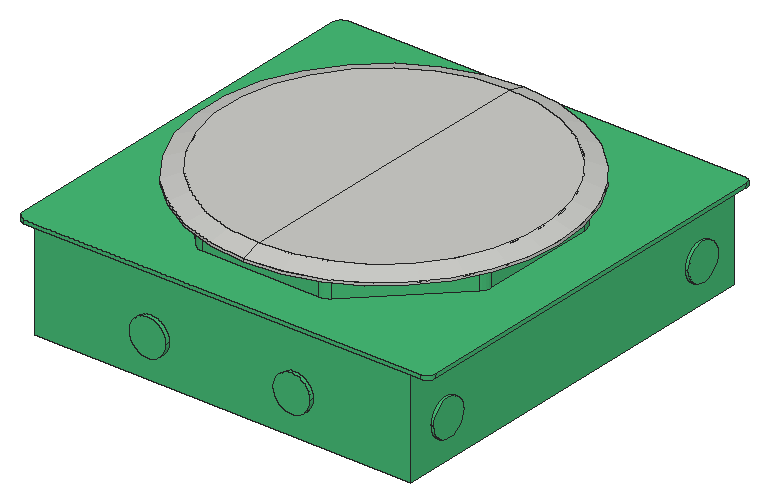
Revit family "Electrical_Equipment-Floor_Box-Hubbell_Wiring-4_Gang-Concrete_Shallow-CFB4G25R", category Electrical Fixtures, host Face, Revit 2015
Parameters (values of type "CFB4G25RCR")
  URL = "http://www.hubbell-wiring.com/"
  Product data url = "https://bimobject.com/hubbellwiring/product/hubbell-cfb4g25"
  Product Page URL = "http://ecatalog.hubbell-wiring.com/productinformation/viewcatalog.aspx?Dest=hubbell-wiring.com/press/catalog/O.pdf"
  Product Documentation Link = "http://www.hubbell-wiring.com/DrawingLibrary.aspx/"
  Model = "CFB4G25RCR"
  Manufacturer = "Hubbell-Wiring"  # constant formula
  Keynote = ""
  Device Plate 4 [instance] = Device Plate : FBMP139 - Simplex / 20A - 1.39" circular opening
  Device Plate 3 [instance] = Device Plate : FBMP139 - Simplex / 20A - 1.39" circular opening
  Device Plate 2 [instance] = Device Plate : FBMP139 - Simplex / 20A - 1.39" circular opening
  Device Plate 1 [instance] = Device Plate : FBMP139 - Simplex / 20A - 1.39" circular opening
  Description = "CONCRETE FLOOR BOX, 4 GANG FOR 8'' ROUND COVER, SHALLOW WITH GREEN EXTERIOR"
  Default Elevation = 0.00"
  Cover Type [instance] = CFBS1R8CVR : CFBS1R8CVRNK - Nickel Cover
  Conduit Connector_9 Description = "Conduit 1in. 0.75in. or 0.5in. Connection"
  Conduit Connector_8 Description = "Conduit 1in. 0.75in. or 0.5in. Connection"
  Conduit Connector_7 Description = "Conduit 1in. 0.75in. or 0.5in. Connection"
  Conduit Connector_6 Description = "Conduit 1in. 0.75in. or 0.5in. Connection"
  Conduit Connector_5 Description = "Conduit 1in. 0.75in. or 0.5in. Connection"
  Conduit Connector_4 Description = "Conduit 1in. 0.75in. or 0.5in. Connection"
  Conduit Connector_3 Description = "Conduit 1in. 0.75in. or 0.5in. Connection"
  Conduit Connector_2 Description = "Conduit 1in. 0.75in. or 0.5in. Connection"
  Conduit Connector_12 Description = "Conduit 1in. 0.75in. or 0.5in. Connection"
  Conduit Connector_11 Description = "Conduit 1in. 0.75in. or 0.5in. Connection"
  Conduit Connector_10 Description = "Conduit 1in. 0.75in. or 0.5in. Connection"
  Conduit Connector_1 Description = "Conduit 1in. 0.75in. or 0.5in. Connection"
  Conduit Connector 1 Radius = 0.50"
  Box Material = Metal - Hubbell - Green Finish
  Assembly Code = "D5020115"
Types (2): name | Model | Description | Cover Type | Box Material
  CFB4G25R | "CFB4G25R" | "CONCRETE FLOOR BOX, 4 GANG FOR 8'' ROUND COVER, SHALLOW" | CFBS1R8CVR : CFBS1R8CVRALU - Aluminum Cover | Metal - Hubbell - Steel
  CFB4G25RCR | "CFB4G25RCR" | "CONCRETE FLOOR BOX, 4 GANG FOR 8'' ROUND COVER, SHALLOW WITH GREEN EXTERIOR" | CFBS1R8CVR : CFBS1R8CVRNK - Nickel Cover | Metal - Hubbell - Green Finish
Reference planes (in)
  plane 1 "Center (Front/Back)": y = 0
  plane 2 "Reference level": z = 0
  plane 3 "Center (Left/Right)": x = 0
  plane 4: z = -3.25
  plane 5: x = -5.1
  plane 6: x = 5.1
  plane 7: y = 5.4735
  plane 8: y = -5.4735
  plane 9: z = -0.64
  plane 10: z = -3.19
  plane 11: y = -5.5735
  plane 12: x = -5.2
  plane 13: y = 5.5735
  plane 14: x = 5.2
  plane 15: z = -2.1515
  plane 16: z = -3.35
  plane 17: x = -5
  plane 18: x = 5
  plane 19: y = 5.3735
  plane 20: y = -5.3735
  plane 21: z = -0.54
Forms (in)
  Extrusion 1, solid, material "Metal - Hubbell - Green Finish" <- "Box Material"
    sketch origin (0, 0, 0) x (1, 0, 0) y (0, 1, 0)
      loop
        line (-5.1, 5.4735) -> (-5.1, -5.4735) -> (5.1, -5.4735) -> (5.1, 5.4735) -> (-5.1, 5.4735)
    from -3.25 to -0.64
  Extrusion 2, solid, material "Metal - Hubbell - Green Finish" <- "Box Material", detail levels medium+fine
    sketch origin (0, 0, 0) x (0, 1, 0) y (0, 0, 1)
      loop
        circle (4.31, -2.1515) r 0.5
      loop
        circle (-4.31, -2.1515) r 0.5
    from -5.2 to -5.1
  Extrusion 3, solid, material "Metal - Hubbell - Green Finish" <- "Box Material", detail levels medium+fine
    sketch origin (0, 0, 0) x (0, 1, 0) y (0, 0, -1)
      loop
        circle (4.31, 2.1515) r 0.5
      loop
        circle (-4.31, 2.1515) r 0.5
    from -5.2 to -5.1
  Extrusion 4, solid, material "Metal - Hubbell - Green Finish" <- "Box Material", detail levels medium+fine
    sketch origin (0, 0, 0) x (1, 0, 0) y (0, 0, 1)
      loop
        circle (1.95, -2.1515) r 0.5
      loop
        circle (-1.95, -2.1515) r 0.5
    from 5.4735 to 5.5735
  Extrusion 5, solid, material "Metal - Hubbell - Green Finish" <- "Box Material", detail levels medium+fine
    sketch origin (0, 0, 0) x (1, 0, 0) y (0, 0, -1)
      loop
        circle (1.95, 2.1515) r 0.5
      loop
        circle (-1.95, 2.1515) r 0.5
    from 5.4735 to 5.5735
  Extrusion 6, solid, material "Metal - Hubbell - Green Finish" <- "Box Material"
    sketch origin (0, 0, 0) x (1, 0, 0) y (0, 1, 0)
      loop
        circle (-4.385, 4.35) r 0.5
      loop
        circle (4.385, 4.35) r 0.5
      loop
        circle (-4.385, -4.35) r 0.5
      loop
        circle (4.385, -4.35) r 0.5
    from -3.35 to -3.25
  Extrusion 7, void
    sketch origin (0, 0, 0) x (1, 0, 0) y (0, 1, 0)
      loop
        line (-5, -5.3735) -> (5, -5.3735) -> (5, 5.3735) -> (-5, 5.3735) -> (-5, -5.3735)
    from -3.19 to -0.64
  Sweep 8, solid, material "Metal - Hubbell - Green Finish" <- "Box Material"
    path origin (0, 0, 0) x (0, 1, 0) y (0, 0, 1)
      loop
        line (0, -0.64) -> (0, -0.54)
    profile origin (0, 0, -0.59) x (0, -1, 0) y (1, 0, 0)
      loop
        line (5.25431, 5.60165) -> (-5.26599, 5.60165)
        arc (-5.26599, 5.60165) -> (-5.42368, 5.53633) -> (-5.489, 5.37864) r 0.22301
        line (-5.489, 5.37864) -> (-5.489, -5.37864)
        arc (-5.489, -5.37864) -> (-5.42368, -5.53633) -> (-5.26599, -5.60165) r 0.22301
        line (-5.26599, -5.60165) -> (5.25431, -5.60165)
        arc (5.25431, -5.60165) -> (5.41409, -5.53546) -> (5.48027, -5.37568) r 0.22597
        line (5.48027, -5.37568) -> (5.48027, 5.37568)
        arc (5.48027, 5.37568) -> (5.41409, 5.53546) -> (5.25431, 5.60165) r 0.22597
  Sweep 9, solid, material "Metal - Hubbell - Green Finish" <- "Box Material"
    path origin (0, 0, 0) x (0, 1, 0) y (0, 0, 1)
      loop
        line (0, -0.54) -> (0, 0)
    profile origin (0, 0, -0.27) x (0, -1, 0) y (1, 0, 0)
      loop
        arc (-1.84897, -4.0711) -> (-1.72115, -4.15651) -> (-1.57037, -4.1865) r 0.394
        line (-1.57037, -4.1865) -> (1.56937, -4.1865)
        arc (1.56937, -4.1865) -> (1.72015, -4.15651) -> (1.84797, -4.0711) r 0.394
        line (1.84797, -4.0711) -> (4.0681, -1.85097)
        arc (4.0681, -1.85097) -> (4.15351, -1.72315) -> (4.1835, -1.57237) r 0.394
        line (4.1835, -1.57237) -> (4.1835, 1.56737)
        arc (4.1835, 1.56737) -> (4.15351, 1.71815) -> (4.0681, 1.84597) r 0.394
        line (4.0681, 1.84597) -> (1.84797, 4.0661)
        arc (1.84797, 4.0661) -> (1.72015, 4.15151) -> (1.56937, 4.1815) r 0.394
        line (1.56937, 4.1815) -> (-1.57037, 4.1815)
        arc (-1.57037, 4.1815) -> (-1.72115, 4.15151) -> (-1.84897, 4.0661) r 0.394
        line (-1.84897, 4.0661) -> (-4.0691, 1.84597)
        arc (-4.0691, 1.84597) -> (-4.15451, 1.71815) -> (-4.1845, 1.56737) r 0.394
        line (-4.1845, 1.56737) -> (-4.1845, -1.57237)
        arc (-4.1845, -1.57237) -> (-4.15451, -1.72315) -> (-4.0691, -1.85097) r 0.394
        line (-4.0691, -1.85097) -> (-1.84897, -4.0711)
Cuts and joins
  Extrusion 7 cuts Extrusion 1
Lines and regions (in)
  symbolic lines
    curve 1: line (-5.1, 0, 0) -> (-5.1, 0, -3.25)
    curve 2: line (-5.1, 0, -3.25) -> (5.1, 0, -3.25)
    curve 3: line (5.1, 0, -3.25) -> (5.1, 0, 0)
    curve 4: line (0, 5.4735, -3.25) -> (0, 5.4735, 0)
    curve 5: line (0, 5.4735, 0) -> (0, -5.4735, 0)
    curve 6: line (0, -5.4735, 0) -> (0, -5.4735, -3.25)
    curve 7: line (0, 5.4735, -3.25) -> (0, -5.4735, -3.25)
    curve 8: line (5.1, 0, 0) -> (-5.1, 0, 0)
Dimensions and locks (in)
  level to plane 4 = 3.25"
  equal spacing: Extrusion 2 sketch curve, plane 1 "Center (Front/Back)", Extrusion 2 sketch curve
  locked: Extrusion 2 sketch curve to plane 1 "Center (Front/Back)" at 4.31
  locked: Extrusion 4 sketch curve to plane 3 "Center (Left/Right)" at 1.95
  equal spacing: Extrusion 3 sketch curve, plane 1 "Center (Front/Back)", Extrusion 3 sketch curve
  locked: Extrusion 3 sketch curve to plane 1 "Center (Front/Back)" at 4.31
  locked: Extrusion 5 sketch curve to plane 3 "Center (Left/Right)" at 1.95
  equal spacing: Extrusion 6 sketch curve, plane 1 "Center (Front/Back)", Extrusion 6 sketch curve  (x2)
  locked: plane 1 "Center (Front/Back)" to Extrusion 6 sketch curve at 4.35  (x2)
  equal spacing: Extrusion 6 sketch curve, plane 3 "Center (Left/Right)", Extrusion 6 sketch curve  (x2)
  locked: Extrusion 6 sketch curve to plane 3 "Center (Left/Right)" at 4.385  (x2)
  equal spacing: Extrusion 4 sketch curve, plane 3 "Center (Left/Right)", Extrusion 4 sketch curve
  equal spacing: Extrusion 5 sketch curve, plane 3 "Center (Left/Right)", Extrusion 5 sketch curve, locked at 1.95 each
  equal spacing: plane 12, plane 3 "Center (Left/Right)", plane 14
  locked: plane 12 to plane 14 at 10.4
  equal spacing: plane 5, plane 3 "Center (Left/Right)", plane 6, locked at 5.1 each
  equal spacing: plane 17, plane 3 "Center (Left/Right)", plane 18, locked at 5 each
  equal spacing: plane 13, plane 1 "Center (Front/Back)", plane 11
  locked: plane 11 to plane 13 at 11.147
  equal spacing: plane 7, plane 1 "Center (Front/Back)", plane 8, locked at 5.4735 each
  equal spacing: plane 19, plane 1 "Center (Front/Back)", plane 20, locked at 5.3735 each
  plane 21 to plane 9 = 0.10"
  locked: nested 1 to Sweep 8 at 5.60165
  locked: nested 1 to Sweep 9 at 4.1815
  radius of Extrusion 2 sketch curve = 0.50"
  radius of Extrusion 3 sketch curve = 0.50"  (x2)
  radius of Extrusion 4 sketch curve = 0.50"  (x2)
  radius of Extrusion 5 sketch curve = 0.50"  (x2)
  aligned and locked: host face to plane 2 "Reference level"
  aligned and locked: level to host face
  aligned and locked: Extrusion 1 to plane 4
  aligned and locked: plane 9 to Extrusion 1
  aligned and locked: plane 5 to Extrusion 2
  aligned and locked: Extrusion 2 to plane 12
  aligned and locked: Extrusion 3 to plane 14
  aligned and locked: plane 11 to Extrusion 4
  aligned and locked: Extrusion 4 to plane 8
  aligned and locked: plane 13 to Extrusion 5
  aligned and locked: Extrusion 5 to plane 7
  aligned and locked: Extrusion 6 to plane 16
  aligned and locked: plane 4 to Extrusion 6
  aligned and locked: plane 9 to cut or joined group of Extrusion 1, Extrusion 7
  aligned and locked: cut or joined group of Extrusion 1, Extrusion 7 to plane 10
  aligned and locked: plane 7 to cut or joined group of Extrusion 1, Extrusion 7
  aligned and locked: plane 6 to Extrusion 3
  aligned and locked: plane 1 "Center (Front/Back)" to Sweep 8 sketch curve
  aligned and locked: plane 21 to Sweep 8 sketch curve
  aligned and locked: plane 9 to Sweep 8 sketch curve
  aligned and locked: plane 1 "Center (Front/Back)" to Sweep 9 sketch curve
  aligned and locked: plane 2 "Reference level" to Sweep 9 sketch curve
  aligned and locked: plane 21 to Sweep 9 sketch curve
  aligned and locked: plane 3 "Center (Left/Right)" to nested 1
  aligned and locked: plane 1 "Center (Front/Back)" to nested 1
  aligned and locked: curve 6 to plane 8
  aligned and locked: curve 7 to plane 4
  aligned and locked: curve 4 to plane 7
  aligned and locked: plane 6 to Extrusion 1 sketch curve
  aligned and locked: Extrusion 1 sketch curve to plane 7
  aligned and locked: Extrusion 1 sketch curve to plane 5
  aligned and locked: plane 8 to Extrusion 1 sketch curve
  aligned and locked: plane 15 to Extrusion 5 sketch curve  (x2)
  aligned and locked: plane 15 to Extrusion 4 sketch curve  (x2)
  aligned and locked: plane 15 to Extrusion 3 sketch curve  (x2)
  aligned and locked: plane 15 to Extrusion 2 sketch curve  (x2)
  aligned and locked: plane 2 "Reference level" to curve 8
  aligned and locked: plane 2 "Reference level" to curve 5
  aligned and locked: plane 19 to Extrusion 7 sketch curve
  aligned and locked: Extrusion 7 sketch curve to plane 18
  aligned and locked: Extrusion 7 sketch curve to plane 17
  aligned and locked: Extrusion 7 sketch curve to plane 20
Automatic sketch dimensions
  host sketch curve to host sketch curve = 96.00"  (x2)
  profile plane to Sweep 8 sketch curve = 5.489"
  Sweep 8 sketch curve to Sweep 8 sketch curve = 0.22301"  (x2)
  Sweep 8 sketch curve to profile plane = 5.25431"  (x2)
  Sweep 8 sketch curve to Sweep 8 sketch curve = 0.22597"
  Sweep 8 sketch curve to plane 3 "Center (Left/Right)" = 5.60165"
  plane 3 "Center (Left/Right)" to Sweep 8 sketch curve = 5.37568"
  profile plane to Sweep 9 sketch curve = 4.1845"
  Sweep 9 sketch curve to plane 3 "Center (Left/Right)" = 1.85097"  (x2)
  Sweep 9 sketch curve to Sweep 9 sketch curve = 0.1154"  (x3)
  Sweep 9 sketch curve to Sweep 9 sketch curve = 0.394"  (x3)
  profile plane to Sweep 9 sketch curve = 1.84897"  (x2)
  Sweep 9 sketch curve to Sweep 9 sketch curve = 2.22013"  (x4)
  plane 3 "Center (Left/Right)" to Sweep 9 sketch curve = 1.56737"
  Sweep 9 sketch curve to Sweep 9 sketch curve = 0.2786"  (x7)
  Sweep 9 sketch curve to profile plane = 1.56937"
  plane 3 "Center (Left/Right)" to Sweep 9 sketch curve = 1.84597"
  Sweep 9 sketch curve to plane 3 "Center (Left/Right)" = 1.57237"
  Sweep 9 sketch curve to profile plane = 1.84797"
  Sweep 9 sketch curve to Sweep 9 sketch curve = 0.00"
  curve 1 to plane 4 = 0.00"
  curve 1 to plane 5 = 0.00"
  plane 6 to curve 3 = 0.00"
  radius of Extrusion 2 sketch curve = 0.50"
  radius of Extrusion 6 sketch curve = 0.50"  (x4)
Nested families (in)
  nested 1: "CFBS1R8CVR" at (0, 0, 0), type <- "Cover Type", type "CFBS1R8CVRNK - Nickel Cover"
Connectors (in)
  cabletrayconduit at (1.95, -5.5735, -2.1515), diameter 1, driven by "Conduit Connector 1 Radius", driven by "Conduit Connector_1 Description"
    settings: on Extrusion 4, index 1, connector width 12.00", connector height 12.00", connector angle 0.00°, system type 32, placement type 0, profile type 0, connector reference index -1, is primary connector yes, connector utility param no, connector description "Conduit 1in. 0.75in. or 0.5in. Connection"
  cabletrayconduit at (-5.2, -4.31, -2.1515), diameter 1, driven by "Conduit Connector 1 Radius", driven by "Conduit Connector_2 Description"
    settings: on Extrusion 2, index 2, connector width 12.00", connector height 12.00", connector angle 0.00°, system type 32, placement type 0, profile type 0, connector reference index -1, is primary connector no, connector utility param no, connector description "Conduit 1in. 0.75in. or 0.5in. Connection"
  cabletrayconduit at (-5.2, 4.31, -2.1515), diameter 1, driven by "Conduit Connector 1 Radius", driven by "Conduit Connector_3 Description"
    settings: on Extrusion 2, index 3, connector width 12.00", connector height 12.00", connector angle 0.00°, system type 32, placement type 0, profile type 0, connector reference index -1, is primary connector no, connector utility param no, connector description "Conduit 1in. 0.75in. or 0.5in. Connection"
  cabletrayconduit at (1.95, 5.5735, -2.1515), diameter 1, driven by "Conduit Connector 1 Radius", driven by "Conduit Connector_4 Description"
    settings: on Extrusion 5, index 4, connector width 12.00", connector height 12.00", connector angle 0.00°, system type 32, placement type 0, profile type 0, connector reference index -1, is primary connector no, connector utility param no, connector description "Conduit 1in. 0.75in. or 0.5in. Connection"
  cabletrayconduit at (5.2, 4.31, -2.1515), diameter 1, driven by "Conduit Connector 1 Radius", driven by "Conduit Connector_5 Description"
    settings: on Extrusion 3, index 5, connector width 12.00", connector height 12.00", connector angle 0.00°, system type 32, placement type 0, profile type 0, connector reference index -1, is primary connector no, connector utility param no, connector description "Conduit 1in. 0.75in. or 0.5in. Connection"
  cabletrayconduit at (5.2, -4.31, -2.1515), diameter 1, driven by "Conduit Connector 1 Radius", driven by "Conduit Connector_6 Description"
    settings: on Extrusion 3, index 6, connector width 12.00", connector height 12.00", connector angle 0.00°, system type 32, placement type 0, profile type 0, connector reference index -1, is primary connector no, connector utility param no, connector description "Conduit 1in. 0.75in. or 0.5in. Connection"
  cabletrayconduit at (4.385, -4.35, -3.35), diameter 1, driven by "Conduit Connector 1 Radius", driven by "Conduit Connector_7 Description"
    settings: on Extrusion 6, index 7, connector width 12.00", connector height 12.00", connector angle 0.00°, system type 32, placement type 0, profile type 0, connector reference index -1, is primary connector no, connector utility param no, connector description "Conduit 1in. 0.75in. or 0.5in. Connection"
  cabletrayconduit at (-4.385, -4.35, -3.35), diameter 1, driven by "Conduit Connector 1 Radius", driven by "Conduit Connector_8 Description"
    settings: on Extrusion 6, index 8, connector width 12.00", connector height 12.00", connector angle 0.00°, system type 32, placement type 0, profile type 0, connector reference index -1, is primary connector no, connector utility param no, connector description "Conduit 1in. 0.75in. or 0.5in. Connection"
  cabletrayconduit at (-4.385, 4.35, -3.35), diameter 1, driven by "Conduit Connector 1 Radius", driven by "Conduit Connector_9 Description"
    settings: on Extrusion 6, index 9, connector width 12.00", connector height 12.00", connector angle 0.00°, system type 32, placement type 0, profile type 0, connector reference index -1, is primary connector no, connector utility param no, connector description "Conduit 1in. 0.75in. or 0.5in. Connection"
  cabletrayconduit at (4.385, 4.35, -3.35), diameter 1, driven by "Conduit Connector 1 Radius", driven by "Conduit Connector_10 Description"
    settings: on Extrusion 6, index 10, connector width 12.00", connector height 12.00", connector angle 0.00°, system type 32, placement type 0, profile type 0, connector reference index -1, is primary connector no, connector utility param no, connector description "Conduit 1in. 0.75in. or 0.5in. Connection"
  cabletrayconduit at (-1.95, -5.5735, -2.1515), diameter 1, driven by "Conduit Connector 1 Radius", driven by "Conduit Connector_11 Description"
    settings: on Extrusion 4, index 11, connector width 12.00", connector height 12.00", connector angle 0.00°, system type 32, placement type 0, profile type 0, connector reference index -1, is primary connector no, connector utility param no, connector description "Conduit 1in. 0.75in. or 0.5in. Connection"
  cabletrayconduit at (-1.95, 5.5735, -2.1515), diameter 1, driven by "Conduit Connector 1 Radius", driven by "Conduit Connector_12 Description"
    settings: on Extrusion 5, index 12, connector width 12.00", connector height 12.00", connector angle 0.00°, system type 32, placement type 0, profile type 0, connector reference index -1, is primary connector no, connector utility param no, connector description "Conduit 1in. 0.75in. or 0.5in. Connection"
Definition of nested family "CFBS1R8CVR"
  Parameters
    URL = "http://www.hubbell-wiring.com/"
    Product Page URL = ""
    Product Documentation Link = ""
    Model = "CFBS1R8CVRNK"
    Manufacturer = "Hubbell-Wiring"  # constant formula
    Description = "System one 8 inch round cover for recessed floor boxes"  # constant formula
    Default Elevation = 0.00"
    Cover Material = none
    Assembly Code = "D5020115"
  Reference planes (in)
    plane 1 "Center (Front/Back)": y = 0
    plane 2: z = 0
    plane 3 "Center (Left/Right)": x = 0
  Forms (in)
    Extrusion 1, solid
      sketch origin (0, 0, 0) x (1, 0, 0) y (0, 1, 0)
        loop
          line (-48, 48) -> (-48, -48) -> (48, -48) -> (48, 48) -> (-48, 48)
      from 0 to -12
    Revolve 2, solid, material <- "Cover Material"
      sketch origin (0, 0, 0) x (0, 1, 0) y (0, 0, 1)
        loop
          line (0, 0.24) -> (-4.25, 0.24) -> (-4.75, 0.07409) -> (-4.75, 0) -> (-4, 0) -> (-4, -0.76) -> (0, -0.76) -> (0, 0.24)
        axis (0, 0.24) -> (0, -0.76)
      angle from 0 to 360
  Lines and regions (in)
    symbolic lines
      curve 1: line (-4.25036, 0, 0.24) -> (4.24848, 0, 0.24)
      curve 2: line (4.74848, 0, 0) -> (-4.75036, 0, 0)
      curve 3: line (3.99848, 0, -0.76) -> (-4.00036, 0, -0.76)
      curve 4: line (3.99848, 0, 0) -> (3.99848, 0, -0.76)
      curve 5: line (-4.00036, 0, -0.76) -> (-4.00036, 0, 0)
      curve 6: line (0, 4.25, 0.24) -> (0, -4.25, 0.24)
      curve 7: line (0, -4.75, 0) -> (0, 4.75, 0)
      curve 8: line (0, 4, -0.76) -> (0, 4, 0)
      curve 9: line (0, -4, -0.76) -> (0, 4, -0.76)
      curve 10: line (0, -4, 0) -> (0, -4, -0.76)
      curve 16: line (-4.75036, 0, 0) -> (-4.75036, 0, 0.07409)
      curve 17: line (4.74848, 0, 0) -> (4.74848, 0, 0.07409)
      curve 19: line (-4.75036, 0, 0.07409) -> (-4.25036, 0, 0.24)
      curve 21: line (4.24848, 0, 0.24) -> (4.74848, 0, 0.07409)
      curve 24: line (0, 4.25, 0.24) -> (0, 4.75, 0.07409)
      curve 25: line (0, -4.25, 0.24) -> (0, -4.75, 0.07409)
      curve 26: line (0, -4.75, 0.07409) -> (0, -4.75, 0)
      curve 27: line (0, 4.75, 0) -> (0, 4.75, 0.07409)
      curve 46: circle (0, 0, 0) r 4.75 normal (0, 0, 1)
      curve 47: circle (0, 0, 0) r 4.25 normal (0, 0, 1)
    reference lines
      curve 11: line (-2.98985, 0, 0.53206) -> (-4.78257, 0, -0.06281)
      curve 12: arc (-1.875, 2.145, 0) -> (-1.69822, 2.07178, 0) -> (-1.625, 1.895, 0) r 0.25
      curve 13: arc (-1.875, -2.145, 0) -> (-1.69822, -2.07178, 0) -> (-1.625, -1.895, 0) r 0.25
      curve 14: arc (1.875, 2.145, 0) -> (1.69822, 2.07178, 0) -> (1.625, 1.895, 0) r 0.25
      curve 15: arc (1.875, -2.145, 0) -> (1.69822, -2.07178, 0) -> (1.625, -1.895, 0) r 0.25
      curve 18: line (-3.87, 0, 0.24) -> (-4.37, 0, 0.07409)
      curve 20: line (3.51326, 0, 0.35838) -> (4.59327, 0, 0)
      curve 22: line (0, 6.70455, 0.32476) -> (0, 7.57568, 0.0357)
      curve 23: line (0, -6.61229, 0.35538) -> (0, -7.58929, 0.03119)
    model lines, detail levels medium+fine
      curve 28: line (-3.84148, 1.81811, 0.24) -> (-2.94463, 1.81811, 0.24)
      curve 29: arc (-2.44463, 1.31811, 0.24) -> (-2.59107, 1.67166, 0.24) -> (-2.94463, 1.81811, 0.24) r 0.5
      curve 30: line (-3.84148, -1.81811, 0.24) -> (-2.94463, -1.81811, 0.24)
      curve 31: line (-2.44463, -1.31811, 0.24) -> (-2.44463, 1.31811, 0.24)
      curve 32: arc (-2.44463, -1.31811, 0.24) -> (-2.59107, -1.67166, 0.24) -> (-2.94463, -1.81811, 0.24) r 0.5
      curve 33: line (-0.64368, -2.06811, 0.24) -> (-0.64368, -1.5462, 0.24)
      curve 34: line (0.64368, -2.06811, 0.24) -> (-0.64368, -2.06811, 0.24)
      curve 35: line (0.64368, -1.5462, 0.24) -> (0.64368, -2.06811, 0.24)
      curve 36: arc (-0.64368, -1.5462, 0.24) -> (-0.49723, -1.19264, 0.24) -> (-0.14368, -1.0462, 0.24) r 0.5
      curve 37: arc (0.14368, -1.0462, 0.24) -> (0.49723, -1.19264, 0.24) -> (0.64368, -1.5462, 0.24) r 0.5
      curve 38: line (-0.14368, -1.0462, 0.24) -> (-0.14368, -0.7962, 0.24)
      curve 39: line (-0.14368, -0.7962, 0.24) -> (0.14368, -0.7962, 0.24)
      curve 40: line (0.14368, -0.7962, 0.24) -> (0.14368, -1.0462, 0.24)
      curve 41: line (3.84148, 1.81811, 0.24) -> (2.94463, 1.81811, 0.24)
      curve 42: arc (2.44463, 1.31811, 0.24) -> (2.59107, 1.67166, 0.24) -> (2.94463, 1.81811, 0.24) r 0.5
      curve 43: line (3.84148, -1.81811, 0.24) -> (2.94463, -1.81811, 0.24)
      curve 44: line (2.44463, -1.31811, 0.24) -> (2.44463, 1.31811, 0.24)
      curve 45: arc (2.44463, -1.31811, 0.24) -> (2.59107, -1.67166, 0.24) -> (2.94463, -1.81811, 0.24) r 0.5
  Dimensions and locks (in)
    aligned and locked: plane 2 to Extrusion 1
    aligned and locked: level to Extrusion 1
